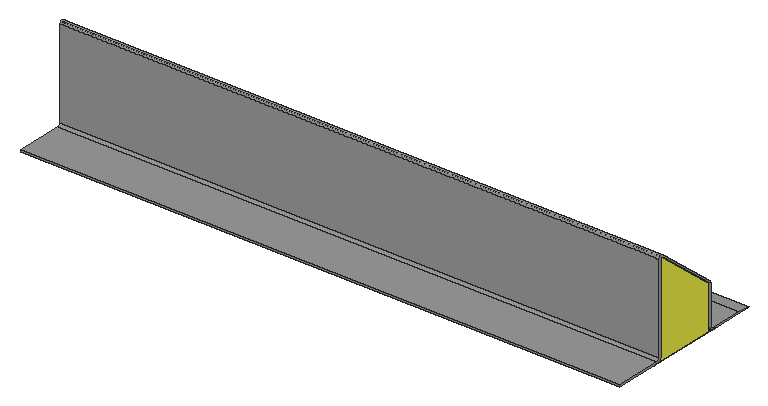
Revit family "XHD K 130", category Generic Models, Revit 2014
Parameters (values of type "Max lintel length 2700mm")
  URL = "http://www.keystonelintels.co.uk"
  Structural Opening [instance] = 900 mm
  Structural Performance = "The Keystone lintel range has safe working loads as detailed in each applicable loading table in the Keystone Lintel Guide brochure. The structural performance figures within each table have been ascertained by testing in accordance with the requirements of standards BS EN 5977-2: 1983 and BS EN 845-2: 2003."
  RIBA Productor Selector = "available for Keystone Lintels Ltd from Keystone Lintels Ltd from ribaproductselector.com"
  Model = "XHD/K 130"
  Min Length = 600 mm
  Min Clear Span = 300 mm
  Max Length = 2700 mm
  Max Clear Span = 2700 mm
  Material - Stainless Steel = "Grade 304 2b 1.4307 to BS EN 10088-2. Other grades available on request: contact manufacturer."
  Material - Galvanised Steel = "To BS EN 10346: 2009. DX51D plus Z600 or grade Z275 to BS 5977-2: 1983 (BS EN 845-2: 2003)."
  Manufacturer = "Keystone"
  Manufactured Length [instance] = (roundup(Effective Length / 150 mm) * 150 mm)  # 1200 mm
  Lintel height [instance] = 2100 mm
  Keynote = "F30/755"
  Fire Performance = "Keystone lintels have been subjected to a fire test (WARRES No. 101263) in accordance with BS 476-20: 1987, at Exova Warrington Fire and achieved a one hour fire performance."
  End Bearing = 150 mm
  Effective Length [instance] = Clear Opening with MIN MAX set + End Bearing * 2  # 1200 mm
  Corrosion = "Keystone’s standard range of lintels are manufactured from high quality grade pre-galvanized carbon steel with a zinc coating of 600"
  Contact Tel = "+44 (0)28 8676 2184"
  Contact Email = "info@keystonelintels.co.uk"
  Clear Opening with MIN MAX set [instance] = if(Structural Opening < Min Clear Span, Min Clear Span, (if(Structural Opening > Max Clear Span, Max Clear Span, Structural Opening)))  # 900 mm
  CPD Information = "Available for Keystone Lintels Ltd from ribacpd.com"
Reference planes
  plane 1 "Center (Front/Back)": y = 0
  plane 2: z = 0
  plane 3 "Center (Left/Right)": x = 0
  plane 4: x = -600
  plane 5: x = 600
  plane 6: z = 2100
  plane 7: x = -450
  plane 8: x = 450
Forms (mm)
  Extrusion 1, solid, material "Steel"
    sketch origin (0, 713.533, -515.599) x (0, 1, 0) y (0, 0, 1)
      loop
        line (-580.542, 2615.599) -> (-555.597, 2614.732) -> (-555.486, 2617.931) -> (-580.486, 2618.799) -> (-645.486, 2618.799)
        arc (-645.486, 2618.799) -> (-649.022, 2620.263) -> (-650.486, 2623.799) r 5
        line (-650.486, 2623.799) -> (-650.486, 2701.722)
        arc (-650.486, 2701.722) -> (-650.955, 2703.835) -> (-652.272, 2705.552) r 5
        line (-652.272, 2705.552) -> (-770.069, 2804.395)
        arc (-770.069, 2804.395) -> (-775.427, 2805.525) -> (-778.486, 2800.983) r 4.9
        line (-778.486, 2800.983) -> (-778.486, 2623.799)
        arc (-778.486, 2623.799) -> (-779.951, 2620.263) -> (-783.486, 2618.799) r 5
        line (-783.486, 2618.799) -> (-878.486, 2618.799) -> (-878.486, 2615.599) -> (-783.486, 2615.599)
        arc (-783.486, 2615.599) -> (-777.688, 2618) -> (-775.286, 2623.799) r 8.2
        line (-775.286, 2623.799) -> (-775.286, 2800.983)
        arc (-775.286, 2800.983) -> (-774.436, 2802.456) -> (-772.736, 2802.455) r 1.7
        line (-772.736, 2802.455) -> (-654.329, 2703.1)
        arc (-654.329, 2703.1) -> (-653.855, 2702.482) -> (-653.686, 2701.722) r 1.8
        line (-653.686, 2701.722) -> (-653.686, 2623.799)
        arc (-653.686, 2623.799) -> (-651.284, 2618.001) -> (-645.486, 2615.599) r 8.2
        line (-645.486, 2615.599) -> (-580.542, 2615.599)
    from -600 to 600
  Extrusion 2, solid, material "Steel"
    sketch origin (0, 713.533, -515.599) x (0, 1, 0) y (0, 0, 1)
      loop
        line (-791.957, 2614.599) -> (-636.926, 2614.599) -> (-636.926, 2615.599) -> (-651.457, 2615.599) -> (-653.926, 2615.599) -> (-653.926, 2623.599) -> (-654.926, 2623.599) -> (-654.926, 2615.599) -> (-791.957, 2615.599) -> (-791.957, 2614.599)
    from -600 to 600
  Extrusion 3, solid, material "Insulation"
    sketch origin (0, 713.533, -515.599) x (0, 1, 0) y (0, 0, 1)
      loop
        line (-651.457, 2615.599) -> (-645.486, 2615.599)
        arc (-645.486, 2615.599) -> (-651.284, 2618.001) -> (-653.686, 2623.799) r 8.2
        line (-653.686, 2623.799) -> (-653.686, 2701.722)
        arc (-653.686, 2701.722) -> (-653.855, 2702.482) -> (-654.329, 2703.1) r 1.8
        line (-654.329, 2703.1) -> (-772.736, 2802.455)
        arc (-772.736, 2802.455) -> (-774.436, 2802.456) -> (-775.286, 2800.983) r 1.7
        line (-775.286, 2800.983) -> (-775.286, 2623.799)
        arc (-775.286, 2623.799) -> (-777.688, 2618) -> (-783.486, 2615.599) r 8.2
        line (-783.486, 2615.599) -> (-654.926, 2615.599) -> (-654.926, 2623.599) -> (-653.926, 2623.599) -> (-653.926, 2615.599) -> (-651.457, 2615.599)
    from -600 to 600
  Extrusion 4, solid, not visible
    sketch origin (0, 988.905, 1248.143) x (0, 1, 0) y (0, 0, 1)
      loop
        line (-580.542, 1015.599) -> (-555.597, 1014.732) -> (-555.486, 1017.931) -> (-580.486, 1018.799) -> (-645.486, 1018.799)
        arc (-645.486, 1018.799) -> (-649.022, 1020.263) -> (-650.486, 1023.799) r 5
        line (-650.486, 1023.799) -> (-650.486, 1101.722)
        arc (-650.486, 1101.722) -> (-650.955, 1103.835) -> (-652.272, 1105.552) r 5
        line (-652.272, 1105.552) -> (-770.069, 1204.395)
        arc (-770.069, 1204.395) -> (-775.427, 1205.525) -> (-778.486, 1200.983) r 4.9
        line (-778.486, 1200.983) -> (-778.486, 1023.799)
        arc (-778.486, 1023.799) -> (-779.951, 1020.263) -> (-783.486, 1018.799) r 5
        line (-783.486, 1018.799) -> (-878.486, 1018.799) -> (-878.486, 1015.599) -> (-783.486, 1015.599)
        arc (-783.486, 1015.599) -> (-777.688, 1018) -> (-775.286, 1023.799) r 8.2
        line (-775.286, 1023.799) -> (-775.286, 1200.983)
        arc (-775.286, 1200.983) -> (-774.436, 1202.456) -> (-772.736, 1202.455) r 1.7
        line (-772.736, 1202.455) -> (-654.329, 1103.1)
        arc (-654.329, 1103.1) -> (-653.855, 1102.482) -> (-653.686, 1101.722) r 1.8
        line (-653.686, 1101.722) -> (-653.686, 1023.799)
        arc (-653.686, 1023.799) -> (-651.284, 1018.001) -> (-645.486, 1015.599) r 8.2
        line (-645.486, 1015.599) -> (-580.542, 1015.599)
    from 0 to 250
  Extrusion 5, solid, not visible
    sketch origin (0, 520.507, 1281.384) x (0, 1, 0) y (0, 0, 1)
      loop
        line (-651.457, 1015.599) -> (-645.486, 1015.599)
        arc (-645.486, 1015.599) -> (-651.284, 1018.001) -> (-653.686, 1023.799) r 8.2
        line (-653.686, 1023.799) -> (-653.686, 1101.722)
        arc (-653.686, 1101.722) -> (-653.855, 1102.482) -> (-654.329, 1103.1) r 1.8
        line (-654.329, 1103.1) -> (-772.736, 1202.455)
        arc (-772.736, 1202.455) -> (-774.436, 1202.456) -> (-775.286, 1200.983) r 1.7
        line (-775.286, 1200.983) -> (-775.286, 1023.799)
        arc (-775.286, 1023.799) -> (-777.688, 1018) -> (-783.486, 1015.599) r 8.2
        line (-783.486, 1015.599) -> (-654.926, 1015.599) -> (-654.926, 1023.599) -> (-653.926, 1023.599) -> (-653.926, 1015.599) -> (-651.457, 1015.599)
    from 0 to 250
  Extrusion 6, solid, not visible
    sketch origin (0, 936.993, 957.84) x (0, 1, 0) y (0, 0, 1)
      loop
        line (-791.957, 1014.599) -> (-636.926, 1014.599) -> (-636.926, 1015.599) -> (-651.457, 1015.599) -> (-653.926, 1015.599) -> (-653.926, 1023.599) -> (-654.926, 1023.599) -> (-654.926, 1015.599) -> (-791.957, 1015.599) -> (-791.957, 1014.599)
    from 0 to 250
Dimensions and locks
  equal spacing: plane 4, plane 3 "Center (Left/Right)", plane 5
  "Manufactured Length": plane 4 to plane 5
  "Lintel height": plane 6 to level
  "Structural Opening": plane 7 to plane 8
  equal spacing: plane 7, plane 3 "Center (Left/Right)", plane 8
  aligned and locked: level to plane 2
  aligned and locked: Extrusion 1 to plane 6
  aligned and locked: Extrusion 3 to plane 6
  aligned and locked: plane 6 to Extrusion 2
  aligned and locked: plane 5 to Extrusion 1
  aligned and locked: Extrusion 1 to plane 4
  aligned and locked: plane 5 to Extrusion 3
  aligned and locked: Extrusion 3 to plane 4
  aligned and locked: plane 5 to Extrusion 2
  aligned and locked: Extrusion 2 to plane 4
Automatic sketch dimensions
  Extrusion 1 sketch curve to Extrusion 1 sketch curve = 64.944 mm
  Extrusion 1 sketch curve to Extrusion 1 sketch curve = 24.944 mm
  Extrusion 1 sketch curve to Extrusion 1 sketch curve = 0.866 mm
  Extrusion 1 sketch curve to Extrusion 1 sketch curve = 0.111 mm
  Extrusion 1 sketch curve to Extrusion 1 sketch curve = 0.056 mm
  Extrusion 1 sketch curve to Extrusion 1 sketch curve = 0 mm  (x15)
  Extrusion 1 sketch curve to Extrusion 1 sketch curve = 5 mm  (x2)
  Extrusion 1 sketch curve to Extrusion 1 sketch curve = 77.923 mm
  Extrusion 1 sketch curve to Extrusion 1 sketch curve = 1.8 mm
  Extrusion 1 sketch curve to Extrusion 1 sketch curve = 0.643 mm
  Extrusion 1 sketch curve to Extrusion 1 sketch curve = 118.407 mm
  Extrusion 1 sketch curve to Extrusion 1 sketch curve = 99.355 mm
  Extrusion 1 sketch curve to Extrusion 1 sketch curve = 2.057 mm
  Extrusion 1 sketch curve to Extrusion 1 sketch curve = 2.667 mm
  Extrusion 1 sketch curve to Extrusion 1 sketch curve = 1.939 mm
  Extrusion 1 sketch curve to Extrusion 1 sketch curve = 0.85 mm
  Extrusion 1 sketch curve to Extrusion 1 sketch curve = 1.472 mm
  Extrusion 1 sketch curve to Extrusion 1 sketch curve = 95 mm
  Extrusion 2 sketch curve to Extrusion 2 sketch curve = 1 mm  (x2)
  Extrusion 2 sketch curve to Extrusion 2 sketch curve = 14.531 mm
  Extrusion 2 sketch curve to Extrusion 2 sketch curve = 140.5 mm
  Extrusion 2 sketch curve to Extrusion 2 sketch curve = 2.469 mm
  Extrusion 2 sketch curve to Extrusion 2 sketch curve = 8 mm
  Extrusion 2 sketch curve to Extrusion 2 sketch curve = 0 mm
  Extrusion 3 sketch curve to Extrusion 3 sketch curve = 2.469 mm
  Extrusion 3 sketch curve to Extrusion 3 sketch curve = 5.971 mm  (x2)
  Extrusion 3 sketch curve to Extrusion 3 sketch curve = 8.2 mm  (x3)
  Extrusion 3 sketch curve to Extrusion 3 sketch curve = 77.923 mm
  Extrusion 3 sketch curve to Extrusion 3 sketch curve = 0.2 mm
  Extrusion 3 sketch curve to Extrusion 3 sketch curve = 1 mm
  Extrusion 3 sketch curve to Extrusion 3 sketch curve = 0 mm  (x2)
  Extrusion 3 sketch curve to Extrusion 3 sketch curve = 128.56 mm
  Extrusion 3 sketch curve to Extrusion 3 sketch curve = 99.262 mm
  Extrusion 3 sketch curve to Extrusion 3 sketch curve = 1.8 mm
  Extrusion 3 sketch curve to Extrusion 3 sketch curve = 0.643 mm
  Extrusion 3 sketch curve to Extrusion 3 sketch curve = 2.55 mm
  Extrusion 3 sketch curve to Extrusion 3 sketch curve = 1.472 mm
  Extrusion 3 sketch curve to Extrusion 3 sketch curve = 8 mm
  Extrusion 4 sketch curve to Extrusion 4 sketch curve = 64.944 mm
  Extrusion 4 sketch curve to Extrusion 4 sketch curve = 24.944 mm
  Extrusion 4 sketch curve to Extrusion 4 sketch curve = 0.866 mm
  Extrusion 4 sketch curve to Extrusion 4 sketch curve = 0.111 mm
  Extrusion 4 sketch curve to Extrusion 4 sketch curve = 0.056 mm
  Extrusion 4 sketch curve to Extrusion 4 sketch curve = 0 mm  (x15)
  Extrusion 4 sketch curve to Extrusion 4 sketch curve = 5 mm  (x2)
  Extrusion 4 sketch curve to Extrusion 4 sketch curve = 77.923 mm
  Extrusion 4 sketch curve to Extrusion 4 sketch curve = 1.8 mm
  Extrusion 4 sketch curve to Extrusion 4 sketch curve = 0.643 mm
  Extrusion 4 sketch curve to Extrusion 4 sketch curve = 118.407 mm
  Extrusion 4 sketch curve to Extrusion 4 sketch curve = 99.355 mm
  Extrusion 4 sketch curve to Extrusion 4 sketch curve = 2.057 mm
  Extrusion 4 sketch curve to Extrusion 4 sketch curve = 2.667 mm
  Extrusion 4 sketch curve to Extrusion 4 sketch curve = 1.939 mm
  Extrusion 4 sketch curve to Extrusion 4 sketch curve = 0.85 mm
  Extrusion 4 sketch curve to Extrusion 4 sketch curve = 1.472 mm
  Extrusion 4 sketch curve to Extrusion 4 sketch curve = 95 mm
  Extrusion 5 sketch curve to Extrusion 5 sketch curve = 2.469 mm
  Extrusion 5 sketch curve to Extrusion 5 sketch curve = 5.971 mm  (x2)
  Extrusion 5 sketch curve to Extrusion 5 sketch curve = 8.2 mm  (x3)
  Extrusion 5 sketch curve to Extrusion 5 sketch curve = 77.923 mm
  Extrusion 5 sketch curve to Extrusion 5 sketch curve = 0.2 mm
  Extrusion 5 sketch curve to Extrusion 5 sketch curve = 1 mm
  Extrusion 5 sketch curve to Extrusion 5 sketch curve = 0 mm  (x2)
  Extrusion 5 sketch curve to Extrusion 5 sketch curve = 128.56 mm
  Extrusion 5 sketch curve to Extrusion 5 sketch curve = 99.262 mm
  Extrusion 5 sketch curve to Extrusion 5 sketch curve = 1.8 mm
  Extrusion 5 sketch curve to Extrusion 5 sketch curve = 0.643 mm
  Extrusion 5 sketch curve to Extrusion 5 sketch curve = 2.55 mm
  Extrusion 5 sketch curve to Extrusion 5 sketch curve = 1.472 mm
  Extrusion 5 sketch curve to Extrusion 5 sketch curve = 8 mm
  Extrusion 6 sketch curve to Extrusion 6 sketch curve = 1 mm  (x2)
  Extrusion 6 sketch curve to Extrusion 6 sketch curve = 14.531 mm
  Extrusion 6 sketch curve to Extrusion 6 sketch curve = 140.5 mm
  Extrusion 6 sketch curve to Extrusion 6 sketch curve = 2.469 mm
  Extrusion 6 sketch curve to Extrusion 6 sketch curve = 8 mm
  Extrusion 6 sketch curve to Extrusion 6 sketch curve = 0 mm
  Extrusion 2 sketch curve to plane 6 = 0 mm
  plane 1 "Center (Front/Back)" to Extrusion 2 sketch curve = 78.424 mm
  Extrusion 3 sketch curve to plane 6 = 0 mm
  plane 1 "Center (Front/Back)" to Extrusion 3 sketch curve = 69.954 mm
  Extrusion 1 sketch curve to plane 6 = 0 mm
  plane 1 "Center (Front/Back)" to Extrusion 1 sketch curve = 164.954 mm
